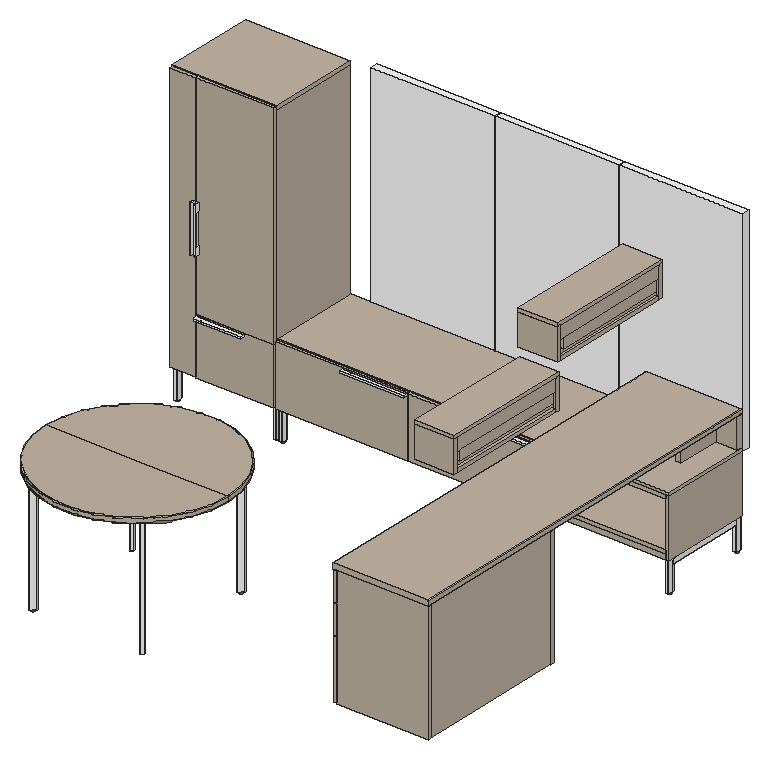
Revit family "FLT005", category Furniture, Revit 2019 (continued)
Definition of nested family "JSI-Flux-Wardrobe-Sc_Ht"
  Parameters (values of type "Type Catalog - Wb, Fls Lg, Sc Ht")
    TAG = if(F2, "1 Drawer", (if(Width < 2' 1", "1 Door", "2 Doors")))  # "1 Drawer"
    Shelf = none
    Series = "FLUX"  # constant formula
    Pull Finish = none
    Partition Dist = if(L, 0' 6 1/32", Width - 0' 6 1/32" - 0' 0 3/4")  # 0' - 6 1/32"
    Model = ""
    Manufacturer = "JSI"  # constant formula
    L = yes
    Keynote = "12500"
    JSI Enviromental Website = "http://www.jsifurniture.com/jsi_sustainability_intro.php"
    Height = 5' - 9 7/32"
    H_Dist_Top_Shelf = if(F, (if(L, Partition Dist + 0' 0 3/4", 0' 0 3/4" + 0' 0 1/32")), 0' 0 3/4" + 0' 0 1/32")  # 0' - 6 25/32"
    H_Dist_Bottom_Shelf = if(F, (if(L, 0' 0", Width - Bottom_Shelf_Width - 0' 0 1/16" - 0' 1 1/2")), 0' 0")  # 0' - 0"
    Glides = none
    FD = 1 > 2  # no
    F7 = no
    F2 = yes
    F1 = 1 > 2  # no
    F0 = no
    F = yes
    Door Line = if(W, (if(Width > 2' 1", (if(F0, (if(F7, 2 > 1, 1 > 2)), 2 > 1)), 1 > 2)), 1 > 2)  # no
    C_Shelf_Width = if(F, Width - 0' 6 1/32" - 0' 1 1/2" - 0' 0 1/32", Width - 0' 0 1/16" - 0' 1 1/2")  # 0' - 10 1/2"
    C_Pull_Dist = Top_Pull_Dist  # 0' - 6 5/16"
    C_Pull = if(F1, 2 > 1, 1 > 2)  # no
    Bottom_Shelf_Width = if(F, 0' 5 1/4", (Width - 0' 0 1/16" - 0' 1 1/2"))  # 0' - 5 1/4"
    Bottom_Shelf_V_Dist = Bottom_Shelf_ Dist + 0' 1 3/8"  # 1' - 1 31/32"
    Bottom_Shelf_ Dist = if(FD, 1' 7", 1' 0 19/32")  # 1' - 0 19/32"
    Bottom_Pull_Dist = Top_Pull_Dist  # 0' - 6 5/16"
    Bottom Pull = if(F1, 2 > 1, (if(F2, 2 > 1, 1 > 2)))  # yes
    Back Panel = none
    Door Front = none
    Description = ""
    Depth = 1' - 9 13/16"
    Chassis = none
    Assembly Code = "E2020200"
    # of Top Shelf = if(Height > 5' 10", 4, 3)  # 3
  Reference planes (in)
    plane 1: z = 0
    plane 2 "Center (Left/Right)": x = -36.06413
    plane 3 "Center (Front/Back)": y = 10.75
    plane 4: x = -18.00163
    plane 5: x = -36.03288
    plane 6: x = -18.03288
    plane 7: y = 10.71875
    plane 8: y = -10.28125
    plane 9: x = -35.28288
    plane 10: x = -18.78288
    plane 11: x = -27.03288
    plane 12: z = 69.21875
    plane 13: z = 7.1875
    plane 14: z = 7.1875
    plane 15: z = 7.9375
    plane 16: z = 68.46875
    plane 17: y = 10.65625
    plane 18: y = 9.90625
    plane 19: y = -10.25
    plane 20: x = -34.28288
    plane 21: x = -19.78288
    plane 22: y = -9.25
    plane 23: y = 8.90625
    plane 24: y = -11.0625
    plane 25: z = 7.3125
    plane 26: x = -35.97038
    plane 27: x = -18.09538
    plane 28: x = -27.09538
    plane 29: x = -26.97038
    plane 30: z = 69.09375
    plane 31: z = 19.78125
    plane 32: z = 20.53125
    plane 33: z = 21.53125
    plane 34: z = 21.90625
    plane 35: z = 21.15625
    plane 36: z = 68.46875
    plane 37: z = 67.71875
    plane 38: y = -10.3125
    plane 39: y = -10.3125
    plane 40: y = -11.3125
    plane 41: y = -10.3125
    plane 42: y = -11.3125
    plane 43: z = 20.21875
    plane 44: z = 20.34375
    plane 45: x = -30.03288
    plane 46: x = -29.28288
    plane 47: x = -30.09538
    plane 48: x = -29.97038
    plane 49: x = -29.97038
    plane 50: x = -17.97038
    plane 51: y = -12.3125
    plane 52: y = -13.3125
    plane 53: x = -29.28288
    plane 54: y = 0.25
    plane 55: z = 65.59375
    plane 56: x = -29.75163
    plane 57: x = -29.75163
    plane 58: x = -29.75163
    plane 59: z = 20.01563
    plane 60: x = -30.31413
    plane 61: x = -29.75163
    plane 62: z = 38.20313
    plane 63: x = -16.00163
    plane 64: y = -12.3125
    plane 65: y = -13.3125
  Forms (in)
    Extrusion 1, solid, material <- "Chassis"
      sketch origin (0, 0, 0) x (1, 0, 0) y (0, 1, 0)
        loop
          line (-36.03288, 10.71875) -> (-36.03288, -10.25) -> (-35.28288, -10.25) -> (-35.28288, 10.71875) -> (-36.03288, 10.71875)
      from 7.1875 to 68.46875
    Extrusion 2, solid, material <- "Chassis"
      sketch origin (0, 0, 0) x (1, 0, 0) y (0, 1, 0)
        loop
          line (-18.03288, 10.71875) -> (-18.78288, 10.71875) -> (-18.78288, -10.25) -> (-18.03288, -10.25) -> (-18.03288, 10.71875)
      from 7.1875 to 68.46875
    Extrusion 3, solid, material <- "Back Panel"
      sketch origin (0, 0, 0) x (1, 0, 0) y (0, 1, 0)
        loop
          line (-18.78288, 10.65625) -> (-35.28288, 10.65625) -> (-35.28288, 9.90625) -> (-18.78288, 9.90625) -> (-18.78288, 10.65625)
      from 7.1875 to 68.46875
    Extrusion 4, solid, material <- "Top"
      sketch origin (0, 0, 0) x (0, 1, 0) y (0, 0, 1)
        loop
          line (10.75, 69.21875) -> (-10.28125, 69.21875) -> (-10.28125, 68.46875) -> (10.75, 68.46875) -> (10.75, 69.21875)
      from -36.06413 to -18.00163
    Extrusion 5, solid, material <- "Shelf"
      sketch origin (0, 0, 0) x (0, 1, 0) y (0, 0, 1)
        loop
          line (9.90625, 7.1875) -> (9.90625, 7.9375) -> (-10.25, 7.9375) -> (-10.25, 7.1875) -> (9.90625, 7.1875)
      from -35.28288 to -18.78288
    Extrusion 6, solid, material <- "Shelf"
      sketch origin (0, 0, 0) x (1, 0, 0) y (0, 0, 1)
        loop
          line (-29.28288, 19.78125) -> (-18.78288, 19.78125) -> (-18.78288, 20.53125) -> (-29.28288, 20.53125) -> (-29.28288, 19.78125)
      from -9.90625 to 10.25
    Extrusion 7, solid, material <- "Shelf"
      sketch origin (2.625, 0, 0) x (1, 0, 0) y (0, 0, 1)
        loop
          line (-37.90788, 21.15625) -> (-32.65788, 21.15625) -> (-32.65788, 21.90625) -> (-37.90788, 21.90625) -> (-37.90788, 21.15625)
      from -9.90625 to 10.25
    Extrusion 8, solid, material <- "Shelf"
      sketch origin (5, 0, -12.49375) x (1, 0, 0) y (0, 0, 1)
        loop
          line (-34.28288, 68.46875) -> (-34.28288, 67.71875) -> (-23.78288, 67.71875) -> (-23.78288, 68.46875) -> (-34.28288, 68.46875)
      from -9.90625 to 9.25
    Extrusion 9, solid, material <- "Shelf"
      sketch origin (5, 0, -23.53021) x (1, 0, 0) y (0, 0, 1)
        loop
          line (-34.28288, 68.46875) -> (-34.28288, 67.71875) -> (-23.78288, 67.71875) -> (-23.78288, 68.46875) -> (-34.28288, 68.46875)
      from -9.90625 to 9.25
    Extrusion 10, solid, material <- "Door Front"
      sketch origin (0, 0, 0) x (1, 0, 0) y (0, 1, 0)
        loop
          line (-35.97038, -10.3125) -> (-35.97038, -11.0625) -> (-18.09538, -11.0625) -> (-18.09538, -10.3125) -> (-35.97038, -10.3125)
      from 7.3125 to 69.09375
    Extrusion 11, solid, material <- "Chassis", visible <- "Partition"
      sketch origin (0, 0, 0) x (1, 0, 0) y (0, 1, 0)
        loop
          line (-30.03288, 9.90625) -> (-30.03288, -10.25) -> (-29.28288, -10.25) -> (-29.28288, 9.90625) -> (-30.03288, 9.90625)
      from 7.9375 to 68.46875
    Extrusion 12, void
      sketch origin (0, 0, 0) x (1, 0, 0) y (0, 1, 0)
        loop
          line (-30.09538, -10.3125) -> (-30.09538, -11.3125) -> (-29.97038, -11.3125) -> (-29.97038, -10.3125) -> (-30.09538, -10.3125)
      from 7.1875 to 69.21875
    Extrusion 13, void
      sketch origin (0, 0, 0) x (1, 0, 0) y (0, 0, 1)
        loop
          line (-29.97038, 20.21875) -> (-17.97038, 20.21875) -> (-17.97038, 20.34375) -> (-29.97038, 20.34375) -> (-29.97038, 20.21875)
      from 10.3125 to 11.3125
    Extrusion 14, void
      sketch origin (0, 0, 0) x (1, 0, 0) y (0, 0, 1)
        loop
          line (-29.97038, 69.21875) -> (-29.97038, 20.34375) -> (-17.97038, 20.34375) -> (-17.97038, 69.21875) -> (-29.97038, 69.21875)
      from 12.3125 to 13.3125
    Extrusion 15, void
      sketch origin (0, 0, 0) x (1, 0, 0) y (0, 1, 0)
        loop
          line (-30.09538, -12.3125) -> (-30.09538, -13.3125) -> (-29.97038, -13.3125) -> (-29.97038, -12.3125) -> (-30.09538, -12.3125)
      from 20.21875 to 69.21875
    Extrusion 16, solid, material <- "Shelf"
      sketch origin (5, 0, -34.56667) x (1, 0, 0) y (0, 0, 1)
        loop
          line (-34.28288, 68.46875) -> (-34.28288, 67.71875) -> (-23.78288, 67.71875) -> (-23.78288, 68.46875) -> (-34.28288, 68.46875)
      from -9.90625 to 9.25
  Cuts and joins
    Extrusion 12, Extrusion 13, Extrusion 14, Extrusion 15 cuts Extrusion 10
  Lines and regions (in)
    symbolic lines
      curve 1: line (-36.06413, 10.75, 0) -> (-36.06413, -10.28125, 0)
      curve 2: line (-18.00163, 10.75, 0) -> (-36.06413, 10.75, 0)
      curve 3: line (-18.00163, -10.28125, 0) -> (-36.06413, -10.28125, 0)
      curve 4: line (-18.00163, 10.75, 0) -> (-18.00163, -10.28125, 0)
      curve 15: line (-35.97038, -10.3125, 0) -> (-35.97038, -11.0625, 0)
      curve 16: line (-18.09538, -10.3125, 0) -> (-29.97038, -10.3125, 0)
      curve 17: line (-18.09538, -11.0625, 0) -> (-29.97038, -11.0625, 0)
      curve 18: line (-18.09538, -10.3125, 0) -> (-18.09538, -11.0625, 0)
      curve 21: line (-30.09538, -10.3125, 0) -> (-35.97038, -10.3125, 0)
      curve 22: line (-30.09538, -11.0625, 0) -> (-35.97038, -11.0625, 0)
      curve 29: line (45.63504, 0, 21) -> (-60, 0, 21)
    symbolic lines, detail levels medium+fine
      curve 5: line (-36.03288, 10.71875, 0) -> (-36.03288, -10.25, 0)
      curve 6: line (-35.28288, 10.71875, 0) -> (-35.28288, -10.25, 0)
      curve 7: line (-18.78288, 10.71875, 0) -> (-18.78288, -10.25, 0)
      curve 8: line (-18.03288, 10.71875, 0) -> (-18.03288, -10.25, 0)
      curve 9: line (-35.28288, 10.71875, 0) -> (-36.03288, 10.71875, 0)
      curve 10: line (-35.28288, -10.25, 0) -> (-36.03288, -10.25, 0)
      curve 11: line (-18.03288, 10.71875, 0) -> (-18.78288, 10.71875, 0)
      curve 12: line (-18.03288, -10.25, 0) -> (-18.78288, -10.25, 0)
      curve 13: line (-18.78288, 10.65625, 0) -> (-35.28288, 10.65625, 0)
      curve 14: line (-18.78288, 9.90625, 0) -> (-35.28288, 9.90625, 0)
    symbolic lines, visible <- "F"
      curve 19: line (-30.09538, -10.3125, 0) -> (-30.09538, -11.0625, 0)
      curve 20: line (-29.97038, -10.3125, 0) -> (-29.97038, -11.0625, 0)
    symbolic lines, visible <- "FD"
      curve 23: line (-30.09538, -10.3125, 0) -> (-29.97038, -10.3125, 0)
      curve 24: line (-30.09538, -11.0625, 0) -> (-29.97038, -11.0625, 0)
    symbolic lines, visible <- "Door Line"
      curve 25: line (-30.09538, -10.3125, 0) -> (-30.09538, -11.0625, 0)
      curve 26: line (-29.97038, -10.3125, 0) -> (-29.97038, -11.0625, 0)
    symbolic lines, visible <- "W"
      curve 27: line (-30.09538, -11.0625, 0) -> (-29.97038, -11.0625, 0)
      curve 28: line (-30.09538, -10.3125, 0) -> (-29.97038, -10.3125, 0)
  Dimensions and locks (in)
    locked: plane 2 "Center (Left/Right)" to plane 5 at 0.03125
    locked: plane 6 to plane 4 at 0.03125
    "Width": plane 2 "Center (Left/Right)" to plane 4
    locked: plane 7 to plane 3 "Center (Front/Back)" at 0.03125
    locked: plane 5 to plane 9 at 0.75
    locked: plane 10 to plane 6 at 0.75
    equal spacing: plane 2 "Center (Left/Right)", plane 11, plane 4
    "Height": plane 12 to plane 1
    locked: plane 12 to plane 16 at 0.75
    plane 13 to plane 1 = 0' - 7 3/16"
    locked: plane 15 to plane 14 at 0.75
    plane 18 to plane 17 to plane 7 = 0' - 0 3/4" locked, 0' - 0 1/16" locked
    plane 38 to plane 8 to plane 19 = 0' - 0 1/32", 0' - 0 1/32"
    locked: plane 9 to plane 20 at 1
    locked: plane 21 to plane 10 at 1
    locked: plane 19 to plane 22 at 1
    locked: plane 23 to plane 18 at 1
    locked: curve 5 to curve 6 at 0.75
    locked: curve 7 to curve 8 at 0.75
    locked: plane 25 to plane 13 at 0.125
    locked: plane 5 to plane 26 at 0.0625
    locked: plane 27 to plane 6 at 0.0625
    plane 28 to plane 11 to plane 29 = 0' - 0 1/16" locked, 0' - 0 1/16" locked
    locked: plane 12 to plane 30 at 0.125
    locked: plane 32 to plane 31 at 0.75
    "Bottom_Shelf_ Dist": plane 32 to plane 15
    plane 34 to plane 33 to plane 35 = 0' - 0 3/8" locked, 0' - 0 3/8" locked
    locked: plane 36 to plane 37 at 0.75
    locked: plane 24 to plane 38 at 0.75
    "Depth": plane 24 to plane 3 "Center (Front/Back)"
    "C_Shelf_Width": Extrusion 6 sketch curve to Extrusion 6 sketch curve
    "Bottom_Shelf_Width": Extrusion 7 sketch curve to Extrusion 7 sketch curve
    "H_Dist_Bottom_Shelf": Extrusion 7 to plane 9
    "H_Dist_C_Panel": Extrusion 6 to plane 9
    "Top_Shelf_Width": Extrusion 8 sketch curve to Extrusion 8 sketch curve
    locked: Extrusion 8 sketch curve to Extrusion 8 sketch curve at 0.75
    "Top_Shelf_Width": Extrusion 9 sketch curve to Extrusion 9 sketch curve
    locked: Extrusion 9 sketch curve to Extrusion 9 sketch curve at 0.75
    equal spacing: group 1, group 2, group 3  (x2)
    equal spacing: group 3, group 2, group 1
    "H_Dist_Top_Shelf": Extrusion 8 to plane 2 "Center (Left/Right)"
    "Top_Shelf_Dist": plane 12 to Extrusion 8
    "Top_Shelf_Array_Dist": Extrusion 8 to Extrusion 9
    locked: plane 32 to plane 43 at 0.3125
    locked: plane 44 to plane 43 at 0.125
    locked: plane 45 to plane 46 at 0.75
    "Partition Dist": plane 2 "Center (Left/Right)" to plane 45
    locked: plane 47 to plane 48 at 0.125
    "H_Dist_V_Void": plane 2 "Center (Left/Right)" to plane 47
    "H_Void_Width": plane 49 to plane 50
    "H_Void_H_Dist": plane 2 "Center (Left/Right)" to plane 49
    "V_Void_Dist": plane 39 to plane 38
    "H_Void_Top_Dist": plane 41 to plane 38
    locked: plane 40 to plane 39 at 1
    locked: plane 42 to plane 41 at 1
    locked: plane 52 to plane 51 at 1
    "H_Void_Upper_Dist": plane 51 to plane 38
    equal spacing: plane 19, plane 54, plane 3 "Center (Front/Back)"
    locked: plane 12 to plane 55 at 3.625
    "Hanger_Dist": plane 2 "Center (Left/Right)" to plane 53
    locked: plane 43 to plane 59 at 0.20313
    "Top_Pull_Dist": plane 2 "Center (Left/Right)" to plane 56
    "C_Pull_Dist": plane 2 "Center (Left/Right)" to plane 57
    "Bottom_Pull_Dist": plane 2 "Center (Left/Right)" to plane 58
    equal spacing: plane 12, plane 62, plane 13
    "L_Vertical_Pull_Dist": plane 2 "Center (Left/Right)" to plane 60
    "R_Vertical_Pull_Dist": plane 2 "Center (Left/Right)" to plane 61
    "Top_2_Pull_Dist": plane 2 "Center (Left/Right)" to plane 63
    locked: plane 65 to plane 64 at 1
    "Top_V_Void_Dist": plane 64 to plane 41
    "Top_Shelf_Width": Extrusion 16 sketch curve to Extrusion 16 sketch curve
    locked: Extrusion 16 sketch curve to Extrusion 16 sketch curve at 0.75
    "Bottom_Shelf_V_Dist": plane 34 to plane 15
    aligned and locked: level to plane 1
    aligned and locked: Extrusion 1 sketch curve to plane 5
    aligned and locked: Extrusion 1 sketch curve to plane 9
    aligned and locked: Extrusion 1 sketch curve to plane 7
    aligned and locked: Extrusion 2 sketch curve to plane 7
    aligned and locked: Extrusion 2 sketch curve to plane 6
    aligned and locked: Extrusion 2 sketch curve to plane 10
    aligned and locked: Extrusion 3 sketch curve to plane 17
    aligned and locked: Extrusion 3 sketch curve to plane 18
    aligned and locked: Extrusion 3 sketch curve to plane 9
    aligned and locked: Extrusion 3 sketch curve to plane 10
    aligned and locked: plane 16 to Extrusion 3
    aligned and locked: plane 3 "Center (Front/Back)" to Extrusion 4 sketch curve
    aligned and locked: plane 12 to Extrusion 4 sketch curve
    aligned and locked: plane 16 to Extrusion 4 sketch curve
    aligned and locked: plane 8 to Extrusion 4 sketch curve
    aligned and locked: Extrusion 4 to plane 2 "Center (Left/Right)"
    aligned and locked: plane 4 to Extrusion 4
    aligned and locked: Extrusion 3 to plane 13
    aligned and locked: plane 14 to Extrusion 5 sketch curve
    aligned and locked: plane 15 to Extrusion 5 sketch curve
    aligned and locked: plane 18 to Extrusion 5 sketch curve
    aligned and locked: plane 19 to Extrusion 5 sketch curve
    aligned and locked: Extrusion 5 to plane 9
    aligned and locked: plane 10 to Extrusion 5
    aligned and locked: plane 11 to nested 1
    aligned and locked: curve 1 to plane 2 "Center (Left/Right)"
    aligned and locked: curve 2 to plane 3 "Center (Front/Back)"
    aligned and locked: curve 4 to plane 4
    aligned and locked: curve 9 to plane 7
    aligned and locked: curve 11 to plane 7
    aligned and locked: curve 5 to plane 5
    aligned and locked: curve 7 to plane 10
    aligned and locked: plane 9 to curve 14
    aligned and locked: plane 10 to curve 13
    aligned and locked: plane 10 to curve 14
    aligned and locked: plane 24 to nested 1
    aligned and locked: plane 8 to Extrusion 4
    aligned and locked: plane 19 to Extrusion 1
    aligned and locked: curve 10 to plane 19
    aligned and locked: curve 12 to plane 19
    aligned and locked: plane 19 to Extrusion 2
    aligned and locked: Extrusion 6 sketch curve to plane 31
    aligned and locked: Extrusion 6 sketch curve to plane 32
    aligned and locked: Extrusion 6 to plane 18
    aligned and locked: plane 19 to Extrusion 6
    aligned and locked: Extrusion 7 sketch curve to plane 35
    aligned and locked: Extrusion 7 sketch curve to plane 34
    aligned and locked: Extrusion 8 to plane 18
    aligned and locked: plane 22 to Extrusion 8
    aligned and locked: Extrusion 8 to Extrusion 9
    aligned and locked: Extrusion 10 sketch curve to plane 26
    aligned and locked: Extrusion 10 sketch curve to plane 38
    aligned and locked: Extrusion 10 sketch curve to plane 24
    aligned and locked: Extrusion 10 sketch curve to plane 27
    aligned and locked: Extrusion 10 to plane 25
    aligned and locked: plane 30 to Extrusion 10
    aligned and locked: Extrusion 11 sketch curve to plane 45
    aligned and locked: Extrusion 11 sketch curve to plane 46
    aligned and locked: Extrusion 11 sketch curve to plane 18
    aligned and locked: Extrusion 11 sketch curve to plane 19
    aligned and locked: Extrusion 11 to plane 15
    aligned and locked: plane 16 to Extrusion 11
    aligned and locked: Extrusion 7 to plane 18
    aligned and locked: plane 19 to Extrusion 7
    aligned and locked: Extrusion 12 sketch curve to plane 47
    aligned and locked: Extrusion 12 sketch curve to plane 48
    aligned and locked: Extrusion 12 sketch curve to plane 39
    aligned and locked: Extrusion 12 sketch curve to plane 40
    aligned and locked: Extrusion 12 to plane 13
    aligned and locked: plane 12 to Extrusion 12
    aligned and locked: Extrusion 13 sketch curve to plane 43
    aligned and locked: Extrusion 13 sketch curve to plane 44
    aligned and locked: Extrusion 13 sketch curve to plane 49
    aligned and locked: Extrusion 13 sketch curve to plane 50
    aligned and locked: plane 42 to Extrusion 13
    aligned and locked: Extrusion 13 to plane 41
    aligned and locked: Extrusion 14 sketch curve to plane 12
    aligned and locked: Extrusion 14 sketch curve to plane 49
    aligned and locked: Extrusion 14 sketch curve to plane 50
    aligned and locked: Extrusion 14 sketch curve to plane 44
    aligned and locked: plane 52 to Extrusion 14
    aligned and locked: Extrusion 14 to plane 51
    aligned and locked: plane 53 to nested 2
    aligned and locked: plane 55 to nested 2
    aligned and locked: plane 54 to nested 2
    aligned and locked: nested 3 to plane 56
    aligned and locked: plane 59 to nested 3
    aligned and locked: plane 62 to nested 4
    aligned and locked: plane 60 to nested 4
    aligned and locked: plane 62 to nested 5
    aligned and locked: plane 61 to nested 5
    aligned and locked: plane 24 to nested 3
    aligned and locked: plane 24 to nested 4
    aligned and locked: plane 24 to nested 5
    aligned and locked: plane 16 to Extrusion 1
    aligned and locked: plane 16 to Extrusion 2
    aligned and locked: curve 15 to plane 26
    aligned and locked: curve 16 to plane 38
    aligned and locked: curve 17 to plane 24
    aligned and locked: curve 18 to plane 27
    aligned and locked: plane 48 to curve 24
    aligned and locked: plane 38 to curve 23
    aligned and locked: plane 24 to curve 24
    aligned and locked: plane 59 to nested 6
    aligned and locked: nested 6 to plane 63
    aligned and locked: Extrusion 15 sketch curve to plane 47
    aligned and locked: Extrusion 15 sketch curve to plane 48
    aligned and locked: Extrusion 15 sketch curve to plane 64
    aligned and locked: Extrusion 15 sketch curve to plane 65
    aligned and locked: plane 12 to Extrusion 15
    aligned and locked: Extrusion 15 to plane 43
    aligned and locked: curve 25 to plane 47
    aligned and locked: curve 26 to plane 48
    aligned and locked: plane 38 to curve 26
    aligned and locked: plane 24 to curve 26
    aligned and locked: plane 24 to curve 27
    aligned and locked: plane 38 to curve 28
    aligned and locked: Extrusion 1 to plane 13
    aligned and locked: Extrusion 2 to plane 13
    aligned and locked: plane 11 to nested 7
    aligned and locked: nested 7 to plane 54
    aligned and locked: plane 13 to nested 7
    aligned and locked: nested 7 to plane 1
    aligned and locked: plane 13 to plane 14
  Automatic sketch dimensions
    plane 19 to Extrusion 1 sketch curve = 0' - 0"
    plane 19 to Extrusion 2 sketch curve = 0' - 0"
    plane 8 to curve 4 = 0' - 0"
    plane 18 to curve 14 = 0' - 0"
    plane 17 to curve 13 = 0' - 0"
    Extrusion 6 sketch curve to plane 46 = 0' - 0"
    Extrusion 7 sketch curve to plane 9 = 0' - 0"
  Nested families (in)
    nested 1: "Label 1-16" at (-27.03288, -11.0625, 0), type "DRWCFG"
    nested 2: "Hanger" at (-32.52501, 0.25, 65.59375), Hngr L <- "Hngr_L", Hngr R <- "Hngr_R", Hanger Finish <- "Pull Finish", type "HNGR"
      with Hngr R yes, Hngr L no, Hanger Finish none
    nested 3: "Bar Pull CL" at (-27.57189, -11.0625, 20.01563), visible <- "Top_Pull", Pull Line <- "Top_Pull", Pull Finish <- "Pull Finish", type "PL"
      with Pull Line yes, Pull Finish none, Stud 0' - 1.54911", Pull Width 0' - 10 27/32"
    nested 4: "Bar Pull V" at (-33.55626, -11.0625, 38.20313), Pull R <- "V_Pull_L_R", Pull L <- "V_Pull_L_L", Pull Finish <- "Pull Finish", type "PL"
      with Pull R yes, Pull L no, Pull Finish none, Tuks Width 0' - 1.80729", Pull Width 0' - 10 27/32"
    nested 5: "Bar Pull V" at (-32.99376, -11.0625, 38.20313), Pull R <- "V_Pull_R_R", Pull L <- "V_Pull_R_L", Pull Finish <- "Pull Finish", type "PL"
      with Pull R no, Pull L yes, Pull Finish none, Tuks Width 0' - 1.80729", Pull Width 0' - 10 27/32"
    nested 6: "Bar Pull CL" at (-13.82189, -11.0625, 20.01563), Pull Finish <- "Pull Finish", visible <- "Top_2_Pull", Pull Line <- "Top_2_Pull", type "PL"
      with Pull Line no, Pull Finish none, Stud 0' - 1.54911", Pull Width 0' - 10 27/32"
    nested 7: "LEGS" at (-36.06413, 10.71875, 0), LEGS <- "Legs", GLIDES <- "Glides", Width <- "Leg_Width", Depth <- "Leg_Depth", type "LG"
      with Width 1' - 6 1/16", LG yes, LEGS none, GLIDES none, Depth 1' - 8 15/16"
  Definition of nested family "Hanger"
    Parameters
      Hngr L [instance] = yes
      Hngr R [instance] = yes
      Hanger Finish [instance] = none
    Reference planes (in)
      plane 1 "Center Front/Back": y = 0
      plane 2: z = 0
      plane 3 "Center Left/Right": x = 3.24213
    Forms (in)
      Extrusion 1, solid, material <- "Hanger Finish", visible <- "Hngr R"
        sketch origin (0, 0, -65.69959) x (1, 0, 0) y (0, 0, 1)
          loop
            line (3.24213, 65.32459) -> (3.24213, 63.58858)
            arc (3.24213, 63.58858) -> (3.7521, 62.87944) -> (4.58667, 63.13722) r 0.74803
            line (4.58667, 63.13722) -> (4.85512, 63.492) -> (4.73078, 63.58608) -> (4.45513, 63.2218)
            arc (4.45513, 63.2218) -> (3.83, 63.04103) -> (3.47835, 63.58858) r 0.54433
            line (3.47835, 63.58858) -> (3.55698, 64.7131)
            arc (3.55698, 64.7131) -> (3.65039, 65.09816) -> (3.86566, 65.43082) r 1.18359
            line (3.86566, 65.43082) -> (3.6823, 65.63583) -> (3.37377, 65.35987)
            arc (3.37377, 65.35987) -> (3.31215, 65.32654) -> (3.24213, 65.32459) r 0.15109
        from -0.46747 to 0.46747
      Extrusion 2, void
        sketch origin (3.24213, 0, -65.69959) x (0, 1, 0) y (0, 0, 1)
          loop
            line (0.46747, 65.91904) -> (0.30479, 62.81504) -> (0.46747, 62.81504) -> (0.46747, 65.91904)
          loop
            line (-0.46747, 65.91904) -> (-0.46747, 62.81504) -> (-0.30479, 62.81504) -> (-0.46747, 65.91904)
        from -1.75548 to 1.75581
      Extrusion 3, solid, material <- "Hanger Finish", visible <- "Hngr L"
        sketch origin (6.48425, 0, -65.69959) x (-1, 0, 0) y (0, 0, -1)
          loop
            arc (3.24213, -65.32459) -> (3.31215, -65.32654) -> (3.37377, -65.35987) r 0.15109
            line (3.37377, -65.35987) -> (3.6823, -65.63583) -> (3.86566, -65.43082)
            arc (3.86566, -65.43082) -> (3.65039, -65.09816) -> (3.55698, -64.7131) r 1.18359
            line (3.55698, -64.7131) -> (3.47835, -63.58858)
            arc (3.47835, -63.58858) -> (3.83, -63.04103) -> (4.45513, -63.2218) r 0.54433
            line (4.45513, -63.2218) -> (4.73078, -63.58608) -> (4.85512, -63.492) -> (4.58667, -63.13722)
            arc (4.58667, -63.13722) -> (3.7521, -62.87944) -> (3.24213, -63.58858) r 0.74803
            line (3.24213, -63.58858) -> (3.24213, -65.32459)
        from -0.46747 to 0.46747
    Cuts and joins
      Extrusion 2 cuts Extrusion 3
      Extrusion 2 cuts Extrusion 1
    Dimensions and locks (in)
      aligned and locked: level to plane 2
  Definition of nested family "Bar Pull CL"
    Parameters
      Stud = Pull Width / 7  # 0' - 2.12054"
      Pull Width = 1' - 2 27/32"
      Pull Line [instance] = yes
      Pull Finish [instance] = none
    Reference planes (in)
      plane 1 "Center Front/Back": y = 0
      plane 2: z = 0
      plane 3 "Center Left/Right": x = 3.24213
    Forms (in)
      Extrusion 1, solid, material <- "Pull Finish"
        sketch origin (0, 0, 0) x (1, 0, 0) y (0, 1, 0)
          loop
            line (-4.17975, 0) -> (-4.17975, -0.85113)
            arc (-4.17975, -0.85113) -> (-4.15229, -0.91742) -> (-4.086, -0.94488) r 0.09375
            line (-4.086, -0.94488) -> (10.58526, -0.94488)
            arc (10.58526, -0.94488) -> (10.64094, -0.92182) -> (10.664, -0.86614) r 0.07874
            line (10.664, -0.86614) -> (10.664, 0) -> (8.54347, 0) -> (8.54347, -0.70177)
            arc (8.54347, -0.70177) -> (8.50685, -0.79016) -> (8.41847, -0.82677) r 0.125
            line (8.41847, -0.82677) -> (-1.93421, -0.82677)
            arc (-1.93421, -0.82677) -> (-2.0226, -0.79016) -> (-2.05921, -0.70177) r 0.125
            line (-2.05921, -0.70177) -> (-2.05921, 0) -> (-4.17975, 0)
        from -0.43307 to -0.11811
      Extrusion 2, solid, material <- "Pull Finish"
        sketch origin (0, 0, 0) x (1, 0, 0) y (0, 1, 0)
          loop
            line (-4.17975, 0) -> (-4.17975, -0.85113)
            arc (-4.17975, -0.85113) -> (-4.15229, -0.91742) -> (-4.086, -0.94488) r 0.09375
            line (-4.086, -0.94488) -> (10.58526, -0.94488)
            arc (10.58526, -0.94488) -> (10.64094, -0.92182) -> (10.664, -0.86614) r 0.07874
            line (10.664, -0.86614) -> (10.664, 0) -> (-4.17975, 0)
        from 0 to -0.11811
    Cuts and joins
      joined: Extrusion 1, Extrusion 2
    Lines and regions (in)
      symbolic lines, visible <- "Pull Line"
        curve 1: line (-4.17975, 0, 0) -> (-4.17975, -0.85113, 0)
        curve 2: line (10.664, -0.86614, 0) -> (10.664, 0, 0)
        curve 3: line (-4.086, -0.94488, 0) -> (10.58526, -0.94488, 0)
        curve 4: arc (-4.17975, -0.85113, 0) -> (-4.15229, -0.91742, 0) -> (-4.086, -0.94488, 0) r 0.09375
        curve 5: arc (10.58526, -0.94488, 0) -> (10.64094, -0.92182, 0) -> (10.664, -0.86614, 0) r 0.07874
    Dimensions and locks (in)
      equal spacing: Extrusion 1 sketch curve, plane 3 "Center Left/Right", Extrusion 1 sketch curve
      "Stud": Extrusion 1 sketch curve to Extrusion 1 sketch curve  (x2)
      "Pull Width": Extrusion 1 sketch curve to Extrusion 1 sketch curve
      aligned and locked: level to plane 2
      aligned and locked: Extrusion 2 sketch curve to Extrusion 1  (x2)
      aligned and locked: cut or joined group of Extrusion 1, Extrusion 2 to curve 1
      aligned and locked: curve 4 to cut or joined group of Extrusion 1, Extrusion 2
      aligned and locked: curve 5 to cut or joined group of Extrusion 1, Extrusion 2
      aligned and locked: plane 1 "Center Front/Back" to curve 1
      aligned and locked: plane 1 "Center Front/Back" to curve 2
    Automatic sketch dimensions
      plane 1 "Center Front/Back" to Extrusion 2 sketch curve = 0' - 0"
      plane 1 "Center Front/Back" to Extrusion 1 sketch curve = 0' - 0"  (x2)
      Extrusion 1 sketch curve to Extrusion 1 sketch curve = 0' - 0 3/32"
      Extrusion 1 sketch curve to Extrusion 1 sketch curve = 0' - 0 1/8"  (x2)
      Extrusion 1 sketch curve to Extrusion 1 sketch curve = 0' - 0.07874"
      plane 1 "Center Front/Back" to Extrusion 1 sketch curve = 0' - 0.70177"
      Extrusion 1 sketch curve to Extrusion 1 sketch curve = 0' - 0.85113"
  Definition of nested family "Bar Pull V"
    Parameters
      Tuks Width = Pull Width / 6  # 0' - 2.47917"
      Pull Width = 1' - 2 7/8"
      Pull R [instance] = yes
      Pull L [instance] = yes
      Pull Finish [instance] = none
    Reference planes (in)
      plane 1 "Center Front/Back": y = 0
      plane 2: z = 0
      plane 3 "Center Left/Right": x = 3.24213
      plane 4: z = 7.4375
      plane 5: z = -7.4375
      plane 6: z = 4.95833
      plane 7: z = -4.95833
    Forms (in)
      Extrusion 1, solid, material <- "Pull Finish", visible <- "Pull R"
        sketch origin (3.24213, 0, 3.24963) x (0, 0, -1) y (0, 1, 0)
          loop
            line (-4.18787, 0) -> (-4.18787, -0.85113)
            arc (-4.18787, -0.85113) -> (-4.16041, -0.91742) -> (-4.09412, -0.94488) r 0.09375
            line (-4.09412, -0.94488) -> (10.60839, -0.94488)
            arc (10.60839, -0.94488) -> (10.66407, -0.92182) -> (10.68713, -0.86614) r 0.07874
            line (10.68713, -0.86614) -> (10.68713, 0) -> (8.20796, 0) -> (8.20796, -0.70177)
            arc (8.20796, -0.70177) -> (8.17135, -0.79016) -> (8.08296, -0.82677) r 0.125
            line (8.08296, -0.82677) -> (-1.5837, -0.82677)
            arc (-1.5837, -0.82677) -> (-1.67209, -0.79016) -> (-1.7087, -0.70177) r 0.125
            line (-1.7087, -0.70177) -> (-1.7087, 0) -> (-4.18787, 0)
        from -0.43307 to -0.11811
      Extrusion 2, solid, material <- "Pull Finish", visible <- "Pull R"
        sketch origin (3.24213, 0, 3.24963) x (0, 0, -1) y (0, 1, 0)
          loop
            line (-4.18787, 0) -> (-4.18787, -0.85113)
            arc (-4.18787, -0.85113) -> (-4.16041, -0.91742) -> (-4.09412, -0.94488) r 0.09375
            line (-4.09412, -0.94488) -> (10.60839, -0.94488)
            arc (10.60839, -0.94488) -> (10.66407, -0.92182) -> (10.68713, -0.86614) r 0.07874
            line (10.68713, -0.86614) -> (10.68713, 0) -> (-4.18787, 0)
        from 0 to -0.11811
      Extrusion 3, solid, material <- "Pull Finish", visible <- "Pull L"
        sketch origin (3.24213, 0, 3.24963) x (0, 0, -1) y (0, -1, 0)
          loop
            line (-4.18787, 0) -> (-1.7087, 0) -> (-1.7087, 0.70177)
            arc (-1.7087, 0.70177) -> (-1.67209, 0.79016) -> (-1.5837, 0.82677) r 0.125
            line (-1.5837, 0.82677) -> (8.08296, 0.82677)
            arc (8.08296, 0.82677) -> (8.17135, 0.79016) -> (8.20796, 0.70177) r 0.125
            line (8.20796, 0.70177) -> (8.20796, 0) -> (10.68713, 0) -> (10.68713, 0.86614)
            arc (10.68713, 0.86614) -> (10.66407, 0.92182) -> (10.60839, 0.94488) r 0.07874
            line (10.60839, 0.94488) -> (-4.09412, 0.94488)
            arc (-4.09412, 0.94488) -> (-4.16041, 0.91742) -> (-4.18787, 0.85113) r 0.09375
            line (-4.18787, 0.85113) -> (-4.18787, 0)
        from -0.43307 to -0.11811
      Extrusion 4, solid, material <- "Pull Finish", visible <- "Pull L"
        sketch origin (3.24213, 0, 3.24963) x (0, 0, -1) y (0, -1, 0)
          loop
            line (-4.18787, 0) -> (10.68713, 0) -> (10.68713, 0.86614)
            arc (10.68713, 0.86614) -> (10.66407, 0.92182) -> (10.60839, 0.94488) r 0.07874
            line (10.60839, 0.94488) -> (-4.09412, 0.94488)
            arc (-4.09412, 0.94488) -> (-4.16041, 0.91742) -> (-4.18787, 0.85113) r 0.09375
            line (-4.18787, 0.85113) -> (-4.18787, 0)
        from 0 to -0.11811
    Cuts and joins
      joined: Extrusion 1, Extrusion 2
      joined: Extrusion 3, Extrusion 4
    Dimensions and locks (in)
      "Pull Width": plane 4 to plane 5
      "Tuks Width": plane 4 to plane 6
      "Tuks Width": plane 7 to plane 5
      equal spacing: plane 4, plane 2, plane 5
      aligned and locked: level to plane 2
      aligned and locked: Extrusion 2 sketch curve to Extrusion 1  (x2)
      aligned and locked: Extrusion 4 sketch curve to Extrusion 3  (x2)
      aligned and locked: plane 4 to cut or joined group of Extrusion 1, Extrusion 2  (x3)
      aligned and locked: plane 4 to cut or joined group of Extrusion 3, Extrusion 4
      aligned and locked: cut or joined group of Extrusion 1, Extrusion 2 to plane 6
      aligned and locked: cut or joined group of Extrusion 3, Extrusion 4 to plane 6
      aligned and locked: plane 7 to cut or joined group of Extrusion 1, Extrusion 2
      aligned and locked: cut or joined group of Extrusion 1, Extrusion 2 to plane 5
      aligned and locked: cut or joined group of Extrusion 3, Extrusion 4 to plane 5
    Automatic sketch dimensions
      Extrusion 1 sketch curve to plane 4 = 0' - 0"
      Extrusion 1 sketch curve to plane 6 = 0' - 0"
      Extrusion 1 sketch curve to plane 1 "Center Front/Back" = 0' - 0"  (x2)
      Extrusion 1 sketch curve to plane 7 = 0' - 0"
      Extrusion 1 sketch curve to plane 5 = 0' - 0"
      Extrusion 1 sketch curve to Extrusion 1 sketch curve = 0' - 0 3/32"
      Extrusion 1 sketch curve to plane 6 = 0' - 0 1/8"
      plane 7 to Extrusion 1 sketch curve = 0' - 0 1/8"
      plane 5 to Extrusion 1 sketch curve = 0' - 0.07874"
      plane 1 "Center Front/Back" to Extrusion 1 sketch curve = 0' - 0.70177"
      Extrusion 1 sketch curve to Extrusion 1 sketch curve = 0' - 0.85113"
      Extrusion 2 sketch curve to plane 4 = 0' - 0"
      Extrusion 2 sketch curve to plane 5 = 0' - 0"
      Extrusion 2 sketch curve to Extrusion 2 sketch curve = 0' - 0 3/32"
      Extrusion 2 sketch curve to Extrusion 2 sketch curve = 0' - 0.07874"
      Extrusion 3 sketch curve to plane 4 = 0' - 0"
      Extrusion 3 sketch curve to plane 6 = 0' - 0"
      Extrusion 3 sketch curve to plane 1 "Center Front/Back" = 0' - 0"  (x2)
      Extrusion 3 sketch curve to plane 7 = 0' - 0"
      Extrusion 3 sketch curve to plane 5 = 0' - 0"
      Extrusion 3 sketch curve to plane 4 = 0' - 0 3/32"
      Extrusion 3 sketch curve to plane 6 = 0' - 0 1/8"
      plane 7 to Extrusion 3 sketch curve = 0' - 0 1/8"
      plane 5 to Extrusion 3 sketch curve = 0' - 0.07874"
      plane 1 "Center Front/Back" to Extrusion 3 sketch curve = 0' - 0.70177"
      Extrusion 3 sketch curve to Extrusion 3 sketch curve = 0' - 0.85113"
      Extrusion 4 sketch curve to plane 4 = 0' - 0"
      Extrusion 4 sketch curve to plane 5 = 0' - 0"
      Extrusion 4 sketch curve to plane 4 = 0' - 0 3/32"
      Extrusion 4 sketch curve to Extrusion 4 sketch curve = 0' - 0.07874"
  Definition of nested family "LEGS"
    Parameters
      Width [instance] = 2' - 6"
      LG [instance] = yes
      LEGS [instance] = none
      GLIDES [instance] = none
      Depth [instance] = 1' - 9 3/32"
    Reference planes (in)
      plane 1 "Center Front/Back": y = 0
      plane 2: z = 0
      plane 3 "Center Left/Right": x = 0
      plane 4: x = 30
      plane 5: y = -21.09375
      plane 6: x = 0.21441
      plane 7: x = 0.96441
      plane 8: x = 29.03125
      plane 9: x = 29.78125
      plane 10: z = 7.1875
      plane 11: y = -0.0625
      plane 12: y = -1.5625
      plane 13: y = -19.53125
      plane 14: y = -21.03125
      plane 15: y = -10.54687
      plane 16: x = 15
      plane 17: z = 0.30625
    Forms (in)
      Extrusion 1, solid, material <- "LEGS", visible <- "LG"
        sketch origin (0, 0, 0) x (1, 0, 0) y (0, 1, 0)
          loop
            arc (0.33941, -0.0625) -> (0.25102, -0.09911) -> (0.21441, -0.1875) r 0.125
            line (0.21441, -0.1875) -> (0.21441, -1.4375)
            arc (0.21441, -1.4375) -> (0.25102, -1.52589) -> (0.33941, -1.5625) r 0.125
            line (0.33941, -1.5625) -> (0.83941, -1.5625)
            arc (0.83941, -1.5625) -> (0.9278, -1.52589) -> (0.96441, -1.4375) r 0.125
            line (0.96441, -1.4375) -> (0.96441, -0.1875)
            arc (0.96441, -0.1875) -> (0.9278, -0.09911) -> (0.83941, -0.0625) r 0.125
            line (0.83941, -0.0625) -> (0.33941, -0.0625)
          loop
            arc (29.15625, -0.0625) -> (29.06786, -0.09911) -> (29.03125, -0.1875) r 0.125
            line (29.03125, -0.1875) -> (29.03125, -1.4375)
            arc (29.03125, -1.4375) -> (29.06786, -1.52589) -> (29.15625, -1.5625) r 0.125
            line (29.15625, -1.5625) -> (29.65625, -1.5625)
            arc (29.65625, -1.5625) -> (29.74464, -1.52589) -> (29.78125, -1.4375) r 0.125
            line (29.78125, -1.4375) -> (29.78125, -0.1875)
            arc (29.78125, -0.1875) -> (29.74464, -0.09911) -> (29.65625, -0.0625) r 0.125
            line (29.65625, -0.0625) -> (29.15625, -0.0625)
          loop
            arc (29.15625, -19.53125) -> (29.06786, -19.56786) -> (29.03125, -19.65625) r 0.125
            line (29.03125, -19.65625) -> (29.03125, -20.90625)
            arc (29.03125, -20.90625) -> (29.06786, -20.99464) -> (29.15625, -21.03125) r 0.125
            line (29.15625, -21.03125) -> (29.65625, -21.03125)
            arc (29.65625, -21.03125) -> (29.74464, -20.99464) -> (29.78125, -20.90625) r 0.125
            line (29.78125, -20.90625) -> (29.78125, -19.65625)
            arc (29.78125, -19.65625) -> (29.74464, -19.56786) -> (29.65625, -19.53125) r 0.125
            line (29.65625, -19.53125) -> (29.15625, -19.53125)
          loop
            arc (0.33941, -19.53125) -> (0.25102, -19.56786) -> (0.21441, -19.65625) r 0.125
            line (0.21441, -19.65625) -> (0.21441, -20.90625)
            arc (0.21441, -20.90625) -> (0.25102, -20.99464) -> (0.33941, -21.03125) r 0.125
            line (0.33941, -21.03125) -> (0.83941, -21.03125)
            arc (0.83941, -21.03125) -> (0.9278, -20.99464) -> (0.96441, -20.90625) r 0.125
            line (0.96441, -20.90625) -> (0.96441, -19.65625)
            arc (0.96441, -19.65625) -> (0.9278, -19.56786) -> (0.83941, -19.53125) r 0.125
            line (0.83941, -19.53125) -> (0.33941, -19.53125)
        from 0.30625 to 7.1875
      Extrusion 2, solid, material <- "LEGS", visible <- "LG"
        sketch origin (0, 0, 0) x (1, 0, 0) y (0, 0, 1)
          loop
            line (0.33941, 5.6875) -> (0.83941, 5.6875)
            arc (0.83941, 5.6875) -> (0.9278, 5.72411) -> (0.96441, 5.8125) r 0.125
            line (0.96441, 5.8125) -> (0.96441, 7.0625)
            arc (0.96441, 7.0625) -> (0.9278, 7.15089) -> (0.83941, 7.1875) r 0.125
            line (0.83941, 7.1875) -> (0.33941, 7.1875)
            arc (0.33941, 7.1875) -> (0.25102, 7.15089) -> (0.21441, 7.0625) r 0.125
            line (0.21441, 7.0625) -> (0.21441, 5.8125)
            arc (0.21441, 5.8125) -> (0.25102, 5.72411) -> (0.33941, 5.6875) r 0.125
          loop
            line (29.15625, 5.6875) -> (29.65625, 5.6875)
            arc (29.65625, 5.6875) -> (29.74464, 5.72411) -> (29.78125, 5.8125) r 0.125
            line (29.78125, 5.8125) -> (29.78125, 7.0625)
            arc (29.78125, 7.0625) -> (29.74464, 7.15089) -> (29.65625, 7.1875) r 0.125
            line (29.65625, 7.1875) -> (29.15625, 7.1875)
            arc (29.15625, 7.1875) -> (29.06786, 7.15089) -> (29.03125, 7.0625) r 0.125
            line (29.03125, 7.0625) -> (29.03125, 5.8125)
            arc (29.03125, 5.8125) -> (29.06786, 5.72411) -> (29.15625, 5.6875) r 0.125
        from 1.5625 to 19.53125
      Extrusion 3, solid, material <- "LEGS", visible <- "LG"
        sketch origin (0, 0, 0) x (0, 1, 0) y (0, 0, 1)
          loop
            line (-10.03125, 6.9375) -> (-11.0625, 6.9375)
            arc (-11.0625, 6.9375) -> (-11.15089, 6.90089) -> (-11.1875, 6.8125) r 0.125
            line (-11.1875, 6.8125) -> (-11.1875, 5.8125)
            arc (-11.1875, 5.8125) -> (-11.15089, 5.72411) -> (-11.0625, 5.6875) r 0.125
            line (-11.0625, 5.6875) -> (-10.03125, 5.6875)
            arc (-10.03125, 5.6875) -> (-9.94286, 5.72411) -> (-9.90625, 5.8125) r 0.125
            line (-9.90625, 5.8125) -> (-9.90625, 6.8125)
            arc (-9.90625, 6.8125) -> (-9.94286, 6.90089) -> (-10.03125, 6.9375) r 0.125
        from 0.96441 to 29.03125
      Extrusion 4, solid, material <- "GLIDES", visible <- "LG"
        sketch origin (0, 0, 0) x (1, 0, 0) y (0, 1, 0)
          loop
            circle (0.58941, -0.8125) r 0.375
          loop
            circle (0.58941, -20.25) r 0.375
          loop
            circle (29.41059, -0.8125) r 0.375
          loop
            circle (29.41059, -20.25) r 0.375
        from 0 to 0.30625
    Dimensions and locks (in)
      "Width": plane 3 "Center Left/Right" to plane 4
      "Depth": plane 1 "Center Front/Back" to plane 5
      plane 13 to plane 14 to plane 5 = 0' - 1 1/2" locked, 0' - 0 1/16" locked
      plane 1 "Center Front/Back" to plane 11 to plane 12 = 0' - 0 1/16" locked, 0' - 1 1/2" locked
      plane 3 "Center Left/Right" to plane 6 to plane 7 = 0' - 0.21441" locked, 0' - 0 3/4" locked
      plane 8 to plane 9 to plane 4 = 0' - 0 3/4" locked, 0' - 0 7/32" locked
      locked: plane 10 to Extrusion 2 sketch curve at 1.5  (x2)
      plane 10 to Extrusion 3 sketch curve to Extrusion 3 sketch curve = 0' - 0 1/4" locked, 0' - 1 1/4" locked
      equal spacing: plane 3 "Center Left/Right", plane 16, plane 4
      equal spacing: plane 5, plane 15, plane 1 "Center Front/Back"
      equal spacing: Extrusion 3 sketch curve, plane 15, Extrusion 3 sketch curve, locked at 0.64063 each
      locked: plane 13 to Extrusion 4 sketch curve at 0.71875  (x2)
      locked: Extrusion 4 sketch curve to plane 7 at 0.375  (x2)
      locked: Extrusion 4 sketch curve to plane 12 at 0.75  (x2)
      locked: plane 8 to Extrusion 4 sketch curve at 0.37934  (x2)
      plane 10 to plane 17 to plane 2 = 0' - 6.88125" locked, 0' - 0.30625" locked
      aligned and locked: level to plane 2
      aligned and locked: Extrusion 1 sketch curve to plane 11  (x2)
      aligned and locked: plane 6 to Extrusion 1 sketch curve
      aligned and locked: plane 12 to Extrusion 1 sketch curve  (x2)
      aligned and locked: Extrusion 1 sketch curve to plane 7  (x2)
      aligned and locked: plane 8 to Extrusion 1 sketch curve  (x2)
      aligned and locked: Extrusion 1 sketch curve to plane 9  (x2)
      aligned and locked: Extrusion 1 sketch curve to plane 13  (x2)
      aligned and locked: plane 14 to Extrusion 1 sketch curve  (x2)
      aligned and locked: Extrusion 2 sketch curve to plane 6
      aligned and locked: plane 7 to Extrusion 2 sketch curve
      aligned and locked: plane 10 to Extrusion 2 sketch curve  (x2)
      aligned and locked: Extrusion 2 sketch curve to plane 8
      aligned and locked: plane 9 to Extrusion 2 sketch curve
      aligned and locked: plane 10 to Extrusion 1
      aligned and locked: plane 12 to Extrusion 2
      aligned and locked: Extrusion 2 to plane 13
      aligned and locked: Extrusion 3 to plane 7
      aligned and locked: plane 8 to Extrusion 3
      aligned and locked: Extrusion 1 to plane 17
      aligned and locked: Extrusion 4 to level
      aligned and locked: plane 17 to Extrusion 4
    Automatic sketch dimensions
      Extrusion 1 sketch curve to plane 6 = 0' - 0"
      Extrusion 1 sketch curve to Extrusion 1 sketch curve = 0' - 0 1/8"  (x7)
      plane 6 to Extrusion 1 sketch curve = 0' - 0 1/8"  (x2)
      Extrusion 1 sketch curve to plane 7 = 0' - 0 1/8"  (x2)
      plane 8 to Extrusion 1 sketch curve = 0' - 0 1/8"  (x4)
      Extrusion 1 sketch curve to plane 9 = 0' - 0 1/8"
      plane 6 to Extrusion 2 sketch curve = 0' - 0 1/8"  (x2)
      Extrusion 2 sketch curve to plane 7 = 0' - 0 1/8"
      Extrusion 2 sketch curve to Extrusion 2 sketch curve = 0' - 0 1/8"  (x2)
      plane 8 to Extrusion 2 sketch curve = 0' - 0 1/8"  (x2)
      Extrusion 2 sketch curve to plane 9 = 0' - 0 1/8"
      Extrusion 3 sketch curve to Extrusion 3 sketch curve = 0' - 0 1/8"  (x3)
      Extrusion 3 sketch curve to Extrusion 3 sketch curve = 0' - 0"
      Extrusion 3 sketch curve to plane 15 = 0' - 0 41/64"
      radius of Extrusion 4 sketch curve = 0' - 0 3/8"  (x4)
  Definition of nested family "Label 1-16"
    Parameters
      Model Name = "BF - BF - BF"
    Reference planes (in)
      plane 1: y = 0
      plane 2: x = 0
    Text (in)
      label "XX" at (0.00051, -0.12324, 0), shows "Model Name"
